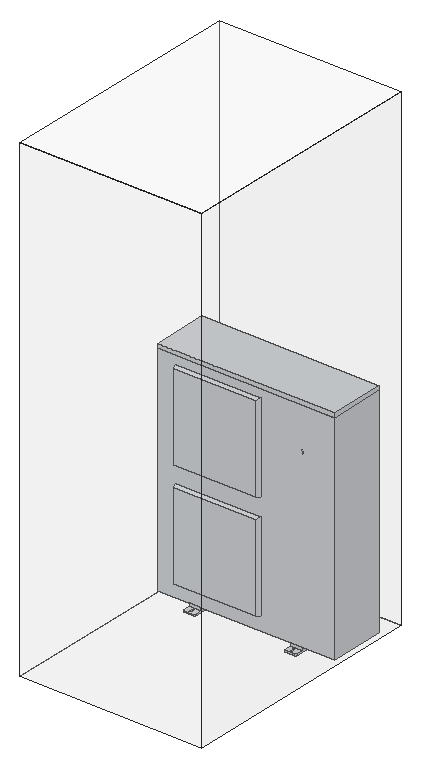
Revit family "pumy-frp80_280hm_50hz", category 機械設備, Revit 2019
Family settings
  丸型コネクタ寸法 = 直径を使用
  パーツ タイプ = 標準
  OmniClass 番号 = 23.75.10.24.21.27.27
  OmniClass タイトル = Split System Air Conditioning Units
  作業面ベース = いいえ
  常に垂直 = はい
  ロード時にボイドで切り取り = いいえ
  共有 = いいえ
  部屋計算ポイント = いいえ
Parameters (values of type "室外機_PUMY-FRP112HM")
  運転音_冷房  db = 70
  音響パワーレベル(dB) = if(運転音_冷房  db > 運転音_暖房  db, 運転音_冷房  db, 運転音_暖房  db)  # 70
  電源種別 = ""
  電源位置Y = 2 mm
  電源位置Z = 1062 mm
  電源位置X = 325 mm
  電圧 = 200 V
  電動機出力_送風機 = 0.12 kW
  電動機出力_圧縮機 = 2.35 kW
  集中コントローラ [instance] = ""
  運転音_暖房  db = 70
  運転質量 = 0.00 kg
  運転方法 = "冷暖切替"
  質量 = if(製品質量 > 運転質量, 製品質量, 運転質量) * 1.2  # 146.40 kg
  負荷分類 = 1_熱源類
  説明 = "空冷H/P PAC インバータ室外機"
  設計暖房能力 [instance] = 0 kW
  設計冷房能力_顕熱 [instance] = 0 kW
  設計冷房能力 [instance] = 0 kW
  設置方法 = "床置形"
  記号 [instance] = ""
  製造元 = "三菱電機株式会社"
  製品質量 = 122.00 kg
  製品出荷対象 = "国内"
  製品リリース年月 = "2022/9/15"
  製品グループ = ""
  系統 [instance] = ""
  符号 = "PAC"
  積算_科目 = "1 空気調和設備"
  積算_拾い区分 [instance] = ""
  相 = 3
  盤記号 [instance] = ""
  発停方法 = "付属スイッチ"
  特殊仕様 [instance] = ""
  消費電力_暖房 = 2.81 kW
  消費電力_冷房 = 2.42 kW
  消費電力 = if(消費電力_冷房 > 消費電力_暖房, 消費電力_冷房, 消費電力_暖房)  # 2.81 kW
  法定耐用年数 = "6"
  構成品番 = "PUMY-FRP112HM"
  極数 = 3
  材質 [instance] = ""
  本体マテリアル = none
  最小電線太さ_mm2 = 3.5
  最大電流値 = 17.5 A
  暖房能力 = 11.2 kW
  推奨ブレーカー容量 = 30 A
  据付ピッチ1 = 0 mm
  形式 = "パッケージ形 室外機"
  形名 = pumy3 : pumy3-1
  幹線記号 [instance] = ""
  呼称 = "パッケージ形空気調和機_室外機"
  周波数 = 50 Hz
  冷媒管（液）位置Z = 485 mm
  冷媒管位置Z_上面 = 565 mm
  冷媒管（ガス）位置Z = 420 mm
  冷媒液管_半径 = (冷媒液管径) / 2  # 4.76 mm
  冷媒ガス管_半径 = (冷媒ガス管径) / 2  # 7.94 mm
  価格 = 0
  ドレン　位置Z = 23 mm
  ドレン　位置Y = 11 mm
  ドレン　位置X = 480 mm
  アンカーボルト位置Y = 370 mm
  アンカーボルト位置X = 600 mm
  参照している仕様書等のバージョン = "公共建築物標準仕様書（機械設備工事編）平成31年度版"
  分類コード = "50053003126100"
  分類グループ = ""
  冷房能力 = 10 kW
  冷媒管（ガス）位置X = 483 mm
  冷媒管（液）位置X = 422 mm
  冷媒管（液）位置Y = 125 mm
  冷媒管（ガス）位置Y = 109 mm
  冷媒管長 [instance] = 0 mm
  冷媒管径符号 = "Bd"
  冷媒管径 = 100.00 mm
  冷媒管位置Z = 420 mm
  冷媒管位置Y = 111 mm
  冷媒管位置X = (冷媒管（液）位置X + 冷媒管（ガス）位置X) / 2  # 452.5 mm
  冷媒液管径 = 9.52 mm
  冷媒ガス管径 = 15.88 mm
  企業コード = "108420"
  付属品 [instance] = ""
  仕様書バージョン = "Version1.0"
  ユニット数 = 1
  ユニット3 = yes
  ユニット2 = yes
  Model = ""
  ドレン管径 = 33.00 mm
  サービススペース = yes
  コメント [instance] = ""
  ケーブル種類1 = ""
  【値が 0 の項目は組合せ形名にてご確認ください】 = ""
  Width = 1050 mm
  Version = ""
  Uniclass2015Version = "Systems v1.9"
  Uniclass2015Title = "Split coil remote air cooled condensing units"
  Uniclass2015Code = "Pr_70_65_03_84"
  URL = "https://www.mitsubishielectric.co.jp/ldg/wink/ssl/top.do"
  SpecificationReference = ""
  SpecificationDescription = ""
  Revision = ""
  ProductInformation = ""
  OmniClassCode = "23-33 17 13 11"
  IfcTypeProduct = ""
  IfcProduct = ""
  IfcExportType = "AIRCONDITIONINGUNIT"
  IfcExportAs = "IfcUnitaryEquipmentType"
  Height = 1338 mm
  Depth = 330 mm
  Clearance Top = 1500 mm
  Clearance Right = 15 mm
  Clearance Left = 15 mm
  Clearance Front = 1000 mm
  Clearance Bottom = 0 mm
  Clearance Back = 150 mm
  COP_暖房 = 3.98
  COP_冷房 = 4.13
  COP = (COP_冷房 + COP_暖房) / 2  # 4.055
  Author = "三菱電機株式会社"
  APF = 0
Reference planes
  plane 1 "中心(正面/背面)": y = 74
  plane 2: z = 0
  plane 3 "中心(左/右)": x = 830
  plane 4 "右": x = 1355
  plane 5 "左": x = 305
  plane 6 "背面": y = 239
  plane 7 "正面": y = -91
  plane 8 "上部": z = 1338
  plane 9 "Clearanse Top": z = 2838
  plane 10 "SS_back": y = 389
  plane 11 "SS_front": y = -1091
  plane 12 "SS_left": x = 290
  plane 13 "SS_right": x = 1370
  plane 14: z = 0
  plane 15: y = -89
  plane 16: x = 1155
  plane 17: z = 1062
  plane 18: x = 1282.5
  plane 19: y = 63
  plane 20: x = 350
  plane 21: z = 25
  plane 22: z = 23
  plane 23: x = 530
  plane 24: x = 1130
  plane 25: y = 259
  plane 26: y = -111
  plane 27: x = 1313
  plane 28: x = 1252
  plane 29 "ガス管": z = 420
  plane 30 "液管": z = 485
  plane 31: y = -51
  plane 32: y = -35
  plane 33 "冷媒管": z = 420
  plane 34: y = -37
  plane 35: z = 565
Forms (mm)
  Extrusion 1, solid, detail levels fine
    sketch origin (0, -91, 0) x (1, 0, 0) y (0, 0, 1)
      loop
        circle (1155, 1062) r 13.5
    from -12 to -2
  Extrusion 2, solid, detail levels fine
    sketch origin (-1437.329, -1524, 54) x (-1, 0, 0) y (0, -1, 0)
      loop
        circle (-1787.329, -1587) r 16.5
    from -31 to -29
  Extrusion 3, solid, detail levels fine
    sketch origin (0, 0, 485) x (-1, 0, 0) y (0, -1, 0)
      loop
        circle (-1252, 51) r 4.76
    from 0 to 80
  Extrusion 4, solid, detail levels fine
    sketch origin (0, 0, 420) x (-1, 0, 0) y (0, -1, 0)
      loop
        circle (-1313, 35) r 7.94
    from 0 to 100
  Extrusion 5, solid, detail levels fine
    sketch origin (0, 0, 420) x (-1, 0, 0) y (0, -1, 0)
      loop
        circle (-1282.5, 37) r 50
    from 0 to 145
Lines and regions (mm)
  model lines, not visible
    curve 1: line (460, 178.667, 1289.179) -> (460, 297.73, 1289.179)
    curve 2: line (460, 178.667, 1056.056) -> (460, 178.667, 1289.179)
    curve 3: line (460, 297.73, 1056.056) -> (460, 178.667, 1056.056)
    curve 4: line (460, 297.73, 1289.179) -> (460, 297.73, 1056.056)
    curve 5: line (460, 47.598, 1289.179) -> (460, 166.661, 1289.179)
    curve 6: line (460, 47.598, 1056.056) -> (460, 47.598, 1289.179)
    curve 7: line (460, 166.661, 1056.056) -> (460, 47.598, 1056.056)
    curve 8: line (460, 166.661, 1289.179) -> (460, 166.661, 1056.056)
    curve 9: line (460, -83.471, 1289.179) -> (460, 35.592, 1289.179)
    curve 10: line (460, -83.471, 1056.056) -> (460, -83.471, 1289.179)
    curve 11: line (460, 35.592, 1056.056) -> (460, -83.471, 1056.056)
    curve 12: line (460, 35.592, 1289.179) -> (460, 35.592, 1056.056)
    curve 13: line (460, -150.779, 1289.179) -> (460, -95.75, 1289.179)
    curve 14: line (460, -150.779, 1056.056) -> (460, -150.779, 1289.179)
    curve 15: line (460, -95.75, 1056.056) -> (460, -150.779, 1056.056)
    curve 16: line (460, -95.75, 1289.179) -> (460, -95.75, 1056.056)
    curve 17: line (460, -150.779, 1283.175) -> (460, -132.596, 1283.175)
    curve 18: line (460, -150.779, 1062.059) -> (460, -150.779, 1283.175)
    curve 19: line (460, -132.596, 1062.059) -> (460, -150.779, 1062.059)
    curve 20: line (460, -132.596, 1283.175) -> (460, -132.596, 1062.059)
    curve 21: line (460, 178.667, 1046.051) -> (460, 297.73, 1046.051)
    curve 22: line (460, 178.667, 812.928) -> (460, 178.667, 1046.051)
    curve 23: line (460, 297.73, 812.928) -> (460, 178.667, 812.928)
    curve 24: line (460, 297.73, 1046.051) -> (460, 297.73, 812.928)
    curve 25: line (460, 47.598, 1046.051) -> (460, 166.661, 1046.051)
    curve 26: line (460, 47.598, 812.928) -> (460, 47.598, 1046.051)
    curve 27: line (460, 166.661, 812.928) -> (460, 47.598, 812.928)
    curve 28: line (460, 166.661, 1046.051) -> (460, 166.661, 812.928)
    curve 29: line (460, -83.471, 1046.051) -> (460, 35.592, 1046.051)
    curve 30: line (460, -83.471, 812.928) -> (460, -83.471, 1046.051)
    curve 31: line (460, 35.592, 812.928) -> (460, -83.471, 812.928)
    curve 32: line (460, 35.592, 1046.051) -> (460, 35.592, 812.928)
    curve 33: line (460, -150.779, 1046.051) -> (460, -95.75, 1046.051)
    curve 34: line (460, -150.779, 812.928) -> (460, -150.779, 1046.051)
    curve 35: line (460, -95.75, 812.928) -> (460, -150.779, 812.928)
    curve 36: line (460, -95.75, 1046.051) -> (460, -95.75, 812.928)
    curve 37: line (460, -150.779, 1040.048) -> (460, -132.596, 1040.048)
    curve 38: line (460, -150.779, 818.931) -> (460, -150.779, 1040.048)
    curve 39: line (460, -132.596, 818.931) -> (460, -150.779, 818.931)
    curve 40: line (460, -132.596, 1040.048) -> (460, -132.596, 818.931)
    curve 41: line (460, 178.667, 802.923) -> (460, 297.73, 802.923)
    curve 42: line (460, 178.667, 569.8) -> (460, 178.667, 802.923)
    curve 43: line (460, 297.73, 569.8) -> (460, 178.667, 569.8)
    curve 44: line (460, 297.73, 802.923) -> (460, 297.73, 569.8)
    curve 45: line (460, 47.598, 802.923) -> (460, 166.661, 802.923)
    curve 46: line (460, 47.598, 569.8) -> (460, 47.598, 802.923)
    curve 47: line (460, 166.661, 569.8) -> (460, 47.598, 569.8)
    curve 48: line (460, 166.661, 802.923) -> (460, 166.661, 569.8)
    curve 49: line (460, -83.471, 802.923) -> (460, 35.592, 802.923)
    curve 50: line (460, -83.471, 569.8) -> (460, -83.471, 802.923)
    curve 51: line (460, 35.592, 569.8) -> (460, -83.471, 569.8)
    curve 52: line (460, 35.592, 802.923) -> (460, 35.592, 569.8)
    curve 53: line (460, -150.779, 802.923) -> (460, -95.75, 802.923)
    curve 54: line (460, -150.779, 569.8) -> (460, -150.779, 802.923)
    curve 55: line (460, -95.75, 569.8) -> (460, -150.779, 569.8)
    curve 56: line (460, -95.75, 802.923) -> (460, -95.75, 569.8)
    curve 57: line (460, -150.779, 796.92) -> (460, -132.596, 796.92)
    curve 58: line (460, -150.779, 575.803) -> (460, -150.779, 796.92)
    curve 59: line (460, -132.596, 575.803) -> (460, -150.779, 575.803)
    curve 60: line (460, -132.596, 796.92) -> (460, -132.596, 575.803)
    curve 61: line (460, 178.667, 559.795) -> (460, 297.73, 559.795)
    curve 62: line (460, 178.667, 326.672) -> (460, 178.667, 559.795)
    curve 63: line (460, 297.73, 326.672) -> (460, 178.667, 326.672)
    curve 64: line (460, 297.73, 559.795) -> (460, 297.73, 326.672)
    curve 65: line (460, 47.598, 559.795) -> (460, 166.661, 559.795)
    curve 66: line (460, 47.598, 326.672) -> (460, 47.598, 559.795)
    curve 67: line (460, 166.661, 326.672) -> (460, 47.598, 326.672)
    curve 68: line (460, 166.661, 559.795) -> (460, 166.661, 326.672)
    curve 69: line (460, -83.471, 559.795) -> (460, 35.592, 559.795)
    curve 70: line (460, -83.471, 326.672) -> (460, -83.471, 559.795)
    curve 71: line (460, 35.592, 326.672) -> (460, -83.471, 326.672)
    curve 72: line (460, 35.592, 559.795) -> (460, 35.592, 326.672)
    curve 73: line (460, -150.779, 559.795) -> (460, -95.75, 559.795)
    curve 74: line (460, -150.779, 326.672) -> (460, -150.779, 559.795)
    curve 75: line (460, -95.75, 326.672) -> (460, -150.779, 326.672)
    curve 76: line (460, -95.75, 559.795) -> (460, -95.75, 326.672)
    curve 77: line (460, -150.779, 553.792) -> (460, -132.596, 553.792)
    curve 78: line (460, -150.779, 332.675) -> (460, -150.779, 553.792)
    curve 79: line (460, -132.596, 332.675) -> (460, -150.779, 332.675)
    curve 80: line (460, -132.596, 553.792) -> (460, -132.596, 332.675)
    curve 81: line (460, 178.667, 316.667) -> (460, 297.73, 316.667)
    curve 82: line (460, 178.667, 83.544) -> (460, 178.667, 316.667)
    curve 83: line (460, 297.73, 83.544) -> (460, 178.667, 83.544)
    curve 84: line (460, 297.73, 316.667) -> (460, 297.73, 83.544)
    curve 85: line (460, 47.598, 316.667) -> (460, 166.661, 316.667)
    curve 86: line (460, 47.598, 83.544) -> (460, 47.598, 316.667)
    curve 87: line (460, 166.661, 83.544) -> (460, 47.598, 83.544)
    curve 88: line (460, 166.661, 316.667) -> (460, 166.661, 83.544)
    curve 89: line (460, -83.471, 316.667) -> (460, 35.592, 316.667)
    curve 90: line (460, -83.471, 83.544) -> (460, -83.471, 316.667)
    curve 91: line (460, 35.592, 83.544) -> (460, -83.471, 83.544)
    curve 92: line (460, 35.592, 316.667) -> (460, 35.592, 83.544)
    curve 93: line (460, -150.779, 316.667) -> (460, -95.75, 316.667)
    curve 94: line (460, -150.779, 83.544) -> (460, -150.779, 316.667)
    curve 95: line (460, -95.75, 83.544) -> (460, -150.779, 83.544)
    curve 96: line (460, -95.75, 316.667) -> (460, -95.75, 83.544)
    curve 97: line (460, -150.779, 310.664) -> (460, -132.596, 310.664)
    curve 98: line (460, -150.779, 89.547) -> (460, -150.779, 310.664)
    curve 99: line (460, -132.596, 89.547) -> (460, -150.779, 89.547)
    curve 100: line (460, -132.596, 310.664) -> (460, -132.596, 89.547)
Dimensions and locks
  equal spacing: plane 7 "正面", plane 1 "中心(正面/背面)", plane 6 "背面"
  "Depth": plane 7 "正面" to plane 6 "背面"
  "Width": plane 5 "左" to plane 4 "右"
  equal spacing: plane 5 "左", plane 3 "中心(左/右)", plane 4 "右"
  "Clearance Left": plane 12 "SS_left" to plane 5 "左"
  "Clearance Right": plane 4 "右" to plane 13 "SS_right"
  "Clearance Back": plane 6 "背面" to plane 10 "SS_back"
  "Clearance Front": plane 11 "SS_front" to plane 7 "正面"
  "Height": plane 8 "上部" to level
  "Clearance Top": plane 9 "Clearanse Top" to plane 8 "上部"
  "Clearance Bottom": level to plane 14
  "電源位置X": plane 3 "中心(左/右)" to plane 16
  "電源位置Y": plane 7 "正面" to plane 15
  "電源位置Z": plane 17 to level
  "冷媒管位置X": plane 3 "中心(左/右)" to plane 18
  locked: plane 21 to plane 22 at 2
  equal spacing: plane 26, plane 1 "中心(正面/背面)", plane 25
  "アンカーボルト位置Y": plane 26 to plane 25
  equal spacing: plane 23, plane 3 "中心(左/右)", plane 24
  "アンカーボルト位置X": plane 23 to plane 24
  plane 28 to plane 27 = 61 mm
  "冷媒管（液）位置X": nested 1 to plane 28
  "冷媒管（ガス）位置X": nested 1 to plane 27
  "ドレン　位置Y": plane 19 to plane 1 "中心(正面/背面)"
  "ドレン　位置X": plane 20 to nested 1
  plane 25 to nested 2 = 19 mm
  nested 2 to plane 7 "正面" = 25 mm
  plane 5 "左" to plane 23 = 225 mm
  nested 2 to plane 26 = 28 mm
  nested 2 to nested 2 = 417 mm
  plane 7 "正面" to plane 19 = 154 mm
  plane 7 "正面" to plane 31 = 40 mm
  plane 7 "正面" to plane 32 = 56 mm
  plane 28 to plane 18 to plane 27 = 30.5 mm, 30.5 mm
  "冷媒管（ガス）位置Y": plane 32 to plane 1 "中心(正面/背面)"
  "冷媒管（液）位置Y": plane 31 to plane 1 "中心(正面/背面)"
  "冷媒管（ガス）位置Z": plane 29 "ガス管" to level
  "冷媒管（液）位置Z": plane 30 "液管" to level
  "冷媒管位置Z": plane 33 "冷媒管" to level
  "冷媒管位置Y": plane 34 to plane 1 "中心(正面/背面)"
  "冷媒管位置Z_上面": plane 35 to level
  radius of Extrusion 1 sketch curve = 13.5 mm
  "ドレン管径": diameter of Extrusion 2 sketch curve
  "冷媒液管_半径": radius of Extrusion 3 sketch curve
  "冷媒ガス管_半径": radius of Extrusion 4 sketch curve
  aligned and locked: level to plane 2
  aligned and locked: plane 10 "SS_back" to nested 1  (x2)
  aligned and locked: plane 13 "SS_right" to nested 1
  aligned and locked: plane 12 "SS_left" to nested 1  (x2)
  aligned and locked: nested 1 to plane 13 "SS_right"
  aligned and locked: plane 11 "SS_front" to nested 1
  aligned and locked: plane 9 "Clearanse Top" to nested 1
  aligned and locked: plane 1 "中心(正面/背面)" to nested 2
  aligned and locked: plane 3 "中心(左/右)" to nested 2
  aligned and locked: plane 14 to nested 1
  aligned and locked: plane 17 to Extrusion 1 sketch curve
  aligned and locked: plane 16 to Extrusion 1 sketch curve
  aligned and locked: plane 15 to Extrusion 1
  aligned and locked: plane 20 to Extrusion 2 sketch curve
  aligned and locked: plane 19 to Extrusion 2 sketch curve
  aligned and locked: plane 21 to Extrusion 2
  aligned and locked: Extrusion 2 to plane 22
  aligned and locked: plane 23 to nested 3
  aligned and locked: plane 25 to nested 3
  aligned and locked: Extrusion 4 to plane 29 "ガス管"
  aligned and locked: Extrusion 3 to plane 30 "液管"
  aligned and locked: Extrusion 5 to plane 33 "冷媒管"
  aligned and locked: plane 35 to Extrusion 5
Automatic sketch dimensions
  Extrusion 5 sketch curve to plane 18 = 0 mm
  plane 34 to Extrusion 5 sketch curve = 0 mm
  Extrusion 3 sketch curve to plane 28 = 0 mm
  plane 31 to Extrusion 3 sketch curve = 0 mm
  Extrusion 4 sketch curve to plane 27 = 0 mm
  plane 32 to Extrusion 4 sketch curve = 0 mm
  radius of Extrusion 5 sketch curve = 50 mm
Nested families
  nested 1: "サービススペース" at (830, -351, 1419), visible <- "サービススペース", type "サービススペース"
    with Width 1080 mm, Height 2838 mm, Depth 1480 mm
  nested 2: "pumy3" at (830, 74, 0), type <- "形名", type "pumy3-1", detail levels fine
  nested 3: "固定点" at (530, -111, 0), type "固定点"
    with W 600 mm, D 370 mm
Connectors
  electrical at (1155, -89, 1062), driven by "極数", driven by "負荷分類", driven by "電圧", driven by "消費電力"
    settings: on Extrusion 1, index 2, voltage 200 V, apparent load 2810 VA, apparent load phase1 0 VA, apparent load phase2 0 VA, apparent load phase3 0 VA, power factor 1, load classification "1_熱源類", number of poles 3, system type 30, power factor state 1, is connector primary yes, connector utility no, sub classification motor no, connector description ""
  piping at (1282.5, -37, 420), diameter 100, driven by "冷媒管径"
    settings: on Extrusion 5, index 3, connector inside diameter 609.60 mm, connector length 0 mm, flow factor 0, pipe flow 0.0 L/s, pressure drop 0.0 Pa, fitting loss kfactor 0, connector angle 0.00°, fixture units 0, engagement length 0 mm, angle of deflection 0.00°, flow configuration 1, flow direction 2, fitting loss method 4, system type 7, joint type 0, gender type 0, connector reference index -1, connector utility 0, adjustable connector no, is connector primary yes, connector description "Bd"
Definition of nested family "サービススペース"
  Parameters (values of type "サービススペース")
    Width [instance] = 500 mm
    Height [instance] = 500 mm
    Depth [instance] = 500 mm
  Reference planes
    plane 1 "中心(正面/背面)": y = 0
    plane 2: z = 0
    plane 3 "中心(左/右)": x = 0
    plane 4: y = -250
    plane 5: x = 250
    plane 6: y = 250
    plane 7: x = -250
    plane 8: z = 250
    plane 9: z = -250
  Forms (mm)
    Extrusion 1, solid
      sketch origin (-638.939, 0, 72.39) x (1, 0, 0) y (0, 1, 0)
        loop
          line (388.939, 250) -> (388.939, -250) -> (888.939, -250) -> (888.939, 250) -> (388.939, 250)
      from -322.39 to 177.61
  Lines and regions (mm)
    symbolic lines
      curve 1: line (-250, 0, 250) -> (250, 0, 250)
      curve 2: line (-250, 0, -250) -> (-250, 0, 250)
      curve 3: line (250, 0, -250) -> (-250, 0, -250)
      curve 4: line (250, 0, 250) -> (250, 0, -250)
      curve 5: line (0, -250, 250) -> (0, 250, 250)
      curve 6: line (0, -250, -250) -> (0, -250, 250)
      curve 7: line (0, 250, -250) -> (0, -250, -250)
      curve 8: line (0, 250, 250) -> (0, 250, -250)
      curve 9: line (-250, 250, 0) -> (250, 250, 0)
      curve 10: line (-250, -250, 0) -> (-250, 250, 0)
      curve 11: line (250, -250, 0) -> (-250, -250, 0)
      curve 12: line (250, 250, 0) -> (250, -250, 0)
  Dimensions and locks
    equal spacing: plane 7, plane 3 "中心(左/右)", plane 5
    equal spacing: plane 4, plane 1 "中心(正面/背面)", plane 6
    "Depth": plane 4 to plane 6
    "Width": plane 7 to plane 5
    equal spacing: plane 8, plane 2, plane 9
    "Height": plane 8 to plane 9
    aligned and locked: plane 9 to curve 3
    aligned and locked: plane 7 to curve 2
    aligned and locked: curve 4 to plane 5
    aligned and locked: plane 5 to Extrusion 1
    aligned and locked: Extrusion 1 to plane 7
    aligned and locked: Extrusion 1 to plane 9
    aligned and locked: plane 8 to Extrusion 1
    aligned and locked: plane 9 to curve 7
  Automatic sketch dimensions
    plane 4 to Extrusion 1 sketch curve = 0 mm
    Extrusion 1 sketch curve to plane 7 = 0 mm
    Extrusion 1 sketch curve to plane 5 = 0 mm
    plane 6 to Extrusion 1 sketch curve = 0 mm
    curve 2 to plane 8 = 0 mm
    plane 4 to curve 11 = 0 mm
    curve 11 to plane 7 = 0 mm
    curve 11 to plane 5 = 0 mm
    plane 6 to curve 10 = 0 mm
    curve 7 to plane 4 = 0 mm
    curve 7 to plane 6 = 0 mm
    curve 6 to plane 8 = 0 mm
Definition of nested family "pumy3"
  Parameters (values of type "PUZ-ZRMP112KA11")
    配線取出口サイズ = 27 mm
    配線取出口-Z = 1063 mm
    配線取出口-Y = 325 mm
    配線取出口-X = 325 mm
    液配管サイズ = 100 mm
    高さ = 1338 mm
    換気-W = 362 mm
    換気-H2 = 632 mm
    換気-H1 = 369 mm
    換気-D = 25 mm
    奥行き = 330 mm
    吊りボルト_H = 0 mm
    吊りボルト-φ = 12 mm
    冷媒配管サイズ = 9.52 mm
    冷媒液管径-Z = 485 mm
    冷媒液管径-Y = 290 mm
    冷媒液管径-X = 422 mm
    冷媒ガス管径-Z = 420 mm
    冷媒ガス管径-Y = 234 mm
    冷媒ガス管径-X = 483 mm
    吊りボルト-W = 600 mm
    マテリアル = none
    ドレン配管サイズ = 33 mm
    ドレン管径-Z = 0 mm
    ドレン管径-Y = 154 mm
    ドレン管径-X = 480 mm
    タイプ3 = yes
    タイプ2 = no
    タイプ1 = no
    ガス配管サイズ = 15.88 mm
    吊りボルト-D = 370 mm
    幅さ = 1050 mm
    a = 幅さ / 2  # 525 mm
  Types (3, lengths in mm): name | 冷媒配管サイズ | 冷媒液管径-Z | 冷媒液管径-X | 冷媒ガス管径-Z | 冷媒ガス管径-Y | 冷媒ガス管径-X | ガス配管サイズ
    PUZ-ZRMP112KA11 | 9.52 | 485 | 422 | 420 | 234 | 483 | 15.88
    PUZ-ZRMP224KA | 19.05 | 450 | 423 | 337 | 236 | 479 | 25.4
    PUZ-ZRMP280KA | 19.05 | 424 | 423 | 337 | 236 | 479 | 25.4
  Reference planes
    plane 1 "中心(正面/背面)": y = 0
    plane 2: z = 0
    plane 3 "中心(左/右)": x = 0
    plane 4: z = 1338
    plane 5: x = -525
    plane 6: x = 525
    plane 7: y = 165
    plane 8: y = -165
    plane 9: x = 587
    plane 10: y = -105
    plane 11: y = 5
    plane 12: z = 1313
    plane 13: x = -545
    plane 14: x = -300
    plane 15: x = 300
    plane 16: y = 185
    plane 17: y = -185
    plane 18: x = 335
    plane 19: x = 265
    plane 20: x = -265
    plane 21: x = -335
    plane 22: y = 204
    plane 23: z = 8.5
    plane 24: z = 25
    plane 25: z = 23
    plane 26: z = 1333
    plane 27: y = -40
    plane 28: y = 40
    plane 29: y = -30
    plane 30: y = 30
    plane 31: z = 1318
    plane 32: z = 55
    plane 33: z = 225
    plane 34: z = 570
    plane 35: x = 535
    plane 36: x = 556
    plane 37: y = -190
    plane 38: x = -163
    plane 39: z = 369
    plane 40: x = 91
    plane 41: x = -417
    plane 42: z = 633
    plane 43: z = 105
    plane 44: x = -407
    plane 45: x = 81
    plane 46: z = 623
    plane 47: z = 115
    plane 48: y = 115
    plane 49: y = -115
    plane 50: x = -480
    plane 51: y = -11
    plane 52: x = 325
    plane 53: y = -160
    plane 54: y = -125
    plane 55: y = -69
    plane 56: z = 1063
    plane 57: y = -110
    plane 58: y = -97
    plane 59 "グループ": x = -525
    plane 60: z = 1338
    plane 61: z = 943
    plane 62: z = 1001
    plane 63: z = 1265
    plane 64: z = 737
    plane 65: z = 1255
    plane 66: z = 747
    plane 67: y = 125
    plane 68: x = -370
    plane 69: x = -210
    plane 70: x = -50
    plane 71: x = 110
    plane 72: y = -213
  Forms (mm)
    Extrusion 1, solid, visible <- "タイプ3", detail levels fine
      sketch origin (-1437.329, -1524, 1338) x (-1, 0, 0) y (0, -1, 0)
        loop
          line (-1102.329, -1689) -> (-1102.329, -1359) -> (-1172.329, -1359) -> (-1172.329, -1689) -> (-1102.329, -1689)
        loop
          line (-1702.329, -1689) -> (-1702.329, -1359) -> (-1772.329, -1359) -> (-1772.329, -1689) -> (-1702.329, -1689)
      from -1338 to -1313
    Extrusion 2, solid, material <- "マテリアル", visible <- "タイプ3", detail levels fine
      sketch origin (-1437.329, -1524, 1338) x (-1, 0, 0) y (0, -1, 0)
        loop
          line (-1962.329, -1689) -> (-912.329, -1689) -> (-912.329, -1359) -> (-1962.329, -1359) -> (-1962.329, -1689)
      from -1313 to -25
    Extrusion 3, solid, material <- "マテリアル", visible <- "タイプ3", detail levels fine
      sketch origin (-1437.329, -1524, 1338) x (-1, 0, 0) y (0, -1, 0)
        loop
          line (-912.329, -1689) -> (-912.329, -1359) -> (-1962.329, -1359) -> (-1962.329, -1689) -> (-912.329, -1689)
      from -25 to 0
    Blend 4, solid, material <- "マテリアル", visible <- "タイプ3", detail levels fine
      base sketch origin (0, 0, 0) x (1, 0, 0) y (0, 0, 1)
        loop
          line (-417, 633) -> (-417, 105) -> (91, 105) -> (91, 633) -> (-417, 633)
      top sketch origin (0, 0, 0) x (1, 0, 0) y (0, 0, 1)
        loop
          line (-407, 623) -> (-407, 115) -> (81, 115) -> (81, 623) -> (-407, 623)
      from 165 to 190
    Blend 5, solid, material <- "マテリアル", visible <- "タイプ3", detail levels fine
      base sketch origin (1480.036, -190, 1200) x (1, 0, 0) y (0, 0, 1)
        loop
          line (-1897.036, 65) -> (-1897.036, -463) -> (-1389.036, -463) -> (-1389.036, 65) -> (-1897.036, 65)
      top sketch origin (1480.036, -190, 1200) x (1, 0, 0) y (0, 0, 1)
        loop
          line (-1887.036, 55) -> (-1887.036, -453) -> (-1399.036, -453) -> (-1399.036, 55) -> (-1887.036, 55)
      from -25 to 0
    Extrusion 6, solid, visible <- "タイプ3", detail levels fine
      sketch origin (-1437.329, -1524, 1338) x (-1, 0, 0) y (0, -1, 0)
        loop
          line (-1102.329, -1728) -> (-1102.329, -1689) -> (-1172.329, -1689) -> (-1172.329, -1728) -> (-1143.329, -1728) -> (-1143.329, -1709)
          arc (-1143.329, -1709) -> (-1137.329, -1703) -> (-1131.329, -1709) r 6
          line (-1131.329, -1709) -> (-1131.329, -1728) -> (-1102.329, -1728)
        loop
          line (-1102.329, -1359) -> (-1102.329, -1316)
          arc (-1102.329, -1316) -> (-1103.794, -1312.464) -> (-1107.329, -1311) r 5
          line (-1107.329, -1311) -> (-1167.329, -1311)
          arc (-1167.329, -1311) -> (-1170.865, -1312.464) -> (-1172.329, -1316) r 5
          line (-1172.329, -1316) -> (-1172.329, -1359) -> (-1102.329, -1359)
        loop
          arc (-1143.329, -1339) -> (-1137.329, -1345) -> (-1131.329, -1339) r 6
          line (-1131.329, -1339) -> (-1131.329, -1324)
          arc (-1131.329, -1324) -> (-1137.329, -1318) -> (-1143.329, -1324) r 6
          line (-1143.329, -1324) -> (-1143.329, -1339)
        loop
          line (-1772.329, -1728) -> (-1743.329, -1728) -> (-1743.329, -1709)
          arc (-1743.329, -1709) -> (-1737.329, -1703) -> (-1731.329, -1709) r 6
          line (-1731.329, -1709) -> (-1731.329, -1728) -> (-1702.329, -1728) -> (-1702.329, -1689) -> (-1772.329, -1689) -> (-1772.329, -1728)
        loop
          line (-1772.329, -1359) -> (-1702.329, -1359) -> (-1702.329, -1316)
          arc (-1702.329, -1316) -> (-1703.794, -1312.464) -> (-1707.329, -1311) r 5
          line (-1707.329, -1311) -> (-1767.329, -1311)
          arc (-1767.329, -1311) -> (-1770.865, -1312.464) -> (-1772.329, -1316) r 5
          line (-1772.329, -1316) -> (-1772.329, -1359)
        loop
          line (-1731.329, -1339) -> (-1731.329, -1324)
          arc (-1731.329, -1324) -> (-1737.329, -1318) -> (-1743.329, -1324) r 6
          line (-1743.329, -1324) -> (-1743.329, -1339)
          arc (-1743.329, -1339) -> (-1737.329, -1345) -> (-1731.329, -1339) r 6
      from -1338 to -1329.5
    Extrusion 7, solid, material <- "マテリアル", visible <- "タイプ3", detail levels fine
      sketch origin (-1437.329, -1524, 1338) x (-1, 0, 0) y (0, -1, 0)
        loop
          circle (-957.329, -1513) r 16.5
        loop
          circle (-1067.329, -1649) r 16.5
        loop
          circle (-1227.329, -1649) r 16.5
        loop
          circle (-1387.329, -1649) r 16.5
        loop
          circle (-1547.329, -1649) r 16.5
      from -1315 to -1313
  Cuts and joins
    joined: Extrusion 1, Extrusion 6
  Lines and regions (mm)
    Masking region 1, visible <- "タイプ3", detail levels coarse+medium
      outline origin (-1437.329, -1524, 1338) x (-1, 0, 0) y (0, -1, 0)
        loop
          line (-1962.329, -1689) -> (-1772.329, -1689) -> (-1772.329, -1728) -> (-1702.329, -1728) -> (-1702.329, -1689) -> (-1172.329, -1689) -> (-1172.329, -1728) -> (-1102.329, -1728) -> (-1102.329, -1689) -> (-912.329, -1689) -> (-912.329, -1359) -> (-1020.329, -1359) -> (-1030.329, -1334) -> (-1102.329, -1334) -> (-1102.329, -1311) -> (-1172.329, -1311) -> (-1172.329, -1334) -> (-1518.329, -1334) -> (-1528.329, -1359) -> (-1702.329, -1359) -> (-1702.329, -1311) -> (-1772.329, -1311) -> (-1772.329, -1359) -> (-1962.329, -1359) -> (-1962.329, -1689)
    model lines, visible <- "タイプ3", detail levels fine
      curve 1: line (446.5, 115, 1338) -> (-445, 115, 1338)
      curve 2: line (-445, -115, 1338) -> (446.5, -115, 1338)
      curve 3: line (-445, -45, 1338) -> (446.5, -45, 1338)
      curve 4: line (446.5, 45, 1338) -> (-445, 45, 1338)
      curve 5: line (-445, -35, 1338) -> (446.5, -35, 1338)
      curve 6: line (446.5, 35, 1338) -> (-445, 35, 1338)
      curve 7: line (-445, 115, 1338) -> (-445, 45, 1338)
      curve 8: line (446.5, -115, 1338) -> (446.5, -45, 1338)
      curve 9: line (-445, 35, 1338) -> (-445, -35, 1338)
      curve 10: line (-445, -45, 1338) -> (-445, -115, 1338)
      curve 11: line (446.5, -35, 1338) -> (446.5, 35, 1338)
      curve 12: line (446.5, 45, 1338) -> (446.5, 115, 1338)
      curve 13: line (479, -115, 1338) -> (479, 115, 1338)
      curve 14: line (461.5, -115, 1338) -> (461.5, 115, 1338)
      curve 15: line (-475, 115, 1338) -> (-475, -115, 1338)
      curve 16: line (-460, 115, 1338) -> (-460, -115, 1338)
      curve 17: line (-460, 115, 1338) -> (-475, 115, 1338)
      curve 18: line (-460, -115, 1338) -> (-475, -115, 1338)
      curve 19: line (461.5, 115, 1338) -> (479, 115, 1338)
      curve 20: line (461.5, -115, 1338) -> (479, -115, 1338)
      curve 21: line (-407, -190, 416.5) -> (81, -190, 416.5)
      curve 22: line (81, -190, 321.5) -> (-407, -190, 321.5)
      curve 23: line (-407, -190, 511.5) -> (81, -190, 511.5)
      curve 24: line (-407, -190, 606.5) -> (81, -190, 606.5)
      curve 25: line (81, -190, 226.5) -> (-407, -190, 226.5)
      curve 26: line (81, -190, 131.5) -> (-407, -190, 131.5)
      curve 27: line (-389.571, -190, 623) -> (-389.571, -190, 115)
      curve 28: line (63.571, -190, 115) -> (63.571, -190, 623)
      curve 29: line (-372.143, -190, 623) -> (-372.143, -190, 115)
      curve 30: line (-354.714, -190, 623) -> (-354.714, -190, 115)
      curve 31: line (-337.286, -190, 623) -> (-337.286, -190, 115)
      curve 32: line (-319.857, -190, 623) -> (-319.857, -190, 115)
      curve 33: line (-302.429, -190, 623) -> (-302.429, -190, 115)
      curve 34: line (-285, -190, 623) -> (-285, -190, 115)
      curve 35: line (-267.571, -190, 623) -> (-267.571, -190, 115)
      curve 36: line (-250.143, -190, 623) -> (-250.143, -190, 115)
      curve 37: line (-232.714, -190, 623) -> (-232.714, -190, 115)
      curve 38: line (-215.286, -190, 623) -> (-215.286, -190, 115)
      curve 39: line (-197.857, -190, 623) -> (-197.857, -190, 115)
      curve 40: line (-180.429, -190, 623) -> (-180.429, -190, 115)
      curve 41: line (-163, -190, 623) -> (-163, -190, 115)
      curve 42: line (-145.571, -190, 623) -> (-145.571, -190, 115)
      curve 43: line (-128.143, -190, 623) -> (-128.143, -190, 115)
      curve 44: line (-110.714, -190, 623) -> (-110.714, -190, 115)
      curve 45: line (-93.286, -190, 623) -> (-93.286, -190, 115)
      curve 46: line (-75.857, -190, 623) -> (-75.857, -190, 115)
      curve 47: line (-58.429, -190, 623) -> (-58.429, -190, 115)
      curve 48: line (-41, -190, 623) -> (-41, -190, 115)
      curve 49: line (-23.571, -190, 623) -> (-23.571, -190, 115)
      curve 50: line (-6.143, -190, 623) -> (-6.143, -190, 115)
      curve 51: line (11.286, -190, 623) -> (11.286, -190, 115)
      curve 52: line (28.714, -190, 623) -> (28.714, -190, 115)
      curve 53: line (46.143, -190, 623) -> (46.143, -190, 115)
      curve 54: line (-525, -100, 87) -> (-525, -60, 87)
      curve 55: line (-525, -100, 277) -> (-525, -100, 87)
      curve 56: line (-525, -60, 277) -> (-525, -100, 277)
      curve 57: line (-525, -60, 87) -> (-525, -60, 277)
      curve 58: line (-525, -100, 292) -> (-525, -60, 292)
      curve 59: line (-525, -100, 482) -> (-525, -100, 292)
      curve 60: line (-525, -60, 482) -> (-525, -100, 482)
      curve 61: line (-525, -60, 292) -> (-525, -60, 482)
      curve 62: line (-525, -100, 497) -> (-525, -60, 497)
      curve 63: line (-525, -100, 687) -> (-525, -100, 497)
      curve 64: line (-525, -60, 687) -> (-525, -100, 687)
      curve 65: line (-525, -60, 497) -> (-525, -60, 687)
      curve 66: line (-525, -100, 702) -> (-525, -60, 702)
      curve 67: line (-525, -100, 892) -> (-525, -100, 702)
      curve 68: line (-525, -60, 892) -> (-525, -100, 892)
      curve 69: line (-525, -60, 702) -> (-525, -60, 892)
      curve 70: line (-525, 60, 87) -> (-525, 100, 87)
      curve 71: line (-525, 60, 277) -> (-525, 60, 87)
      curve 72: line (-525, 100, 277) -> (-525, 60, 277)
      curve 73: line (-525, 100, 87) -> (-525, 100, 277)
      curve 74: line (-525, -46.667, 87) -> (-525, -6.667, 87)
      curve 75: line (-525, -46.667, 277) -> (-525, -46.667, 87)
      curve 76: line (-525, -6.667, 277) -> (-525, -46.667, 277)
      curve 77: line (-525, -6.667, 87) -> (-525, -6.667, 277)
      curve 78: line (-525, 6.667, 87) -> (-525, 46.667, 87)
      curve 79: line (-525, 6.667, 277) -> (-525, 6.667, 87)
      curve 80: line (-525, 46.667, 277) -> (-525, 6.667, 277)
      curve 81: line (-525, 46.667, 87) -> (-525, 46.667, 277)
      curve 82: line (-525, 60, 292) -> (-525, 100, 292)
      curve 83: line (-525, 60, 482) -> (-525, 60, 292)
      curve 84: line (-525, 100, 482) -> (-525, 60, 482)
      curve 85: line (-525, 100, 292) -> (-525, 100, 482)
      curve 86: line (-525, 60, 702) -> (-525, 100, 702)
      curve 87: line (-525, 60, 892) -> (-525, 60, 702)
      curve 88: line (-525, 100, 892) -> (-525, 60, 892)
      curve 89: line (-525, 100, 702) -> (-525, 100, 892)
      curve 90: line (-525, -46.667, 292) -> (-525, -6.667, 292)
      curve 91: line (-525, -46.667, 482) -> (-525, -46.667, 292)
      curve 92: line (-525, -6.667, 482) -> (-525, -46.667, 482)
      curve 93: line (-525, -6.667, 292) -> (-525, -6.667, 482)
      curve 94: line (-525, -46.667, 497) -> (-525, -6.667, 497)
      curve 95: line (-525, -46.667, 687) -> (-525, -46.667, 497)
      curve 96: line (-525, -6.667, 687) -> (-525, -46.667, 687)
      curve 97: line (-525, -6.667, 497) -> (-525, -6.667, 687)
      curve 98: line (-525, -46.667, 702) -> (-525, -6.667, 702)
      curve 99: line (-525, -46.667, 892) -> (-525, -46.667, 702)
      curve 100: line (-525, -6.667, 892) -> (-525, -46.667, 892)
      curve 101: line (-525, -6.667, 702) -> (-525, -6.667, 892)
      curve 102: line (-525, 6.667, 292) -> (-525, 46.667, 292)
      curve 103: line (-525, 6.667, 482) -> (-525, 6.667, 292)
      curve 104: line (-525, 46.667, 482) -> (-525, 6.667, 482)
      curve 105: line (-525, 46.667, 292) -> (-525, 46.667, 482)
      curve 106: line (-525, 6.667, 497) -> (-525, 46.667, 497)
      curve 107: line (-525, 6.667, 687) -> (-525, 6.667, 497)
      curve 108: line (-525, 46.667, 687) -> (-525, 6.667, 687)
      curve 109: line (-525, 46.667, 497) -> (-525, 46.667, 687)
      curve 110: line (-525, 6.667, 702) -> (-525, 46.667, 702)
      curve 111: line (-525, 6.667, 892) -> (-525, 6.667, 702)
      curve 112: line (-525, 46.667, 892) -> (-525, 6.667, 892)
      curve 113: line (-525, 46.667, 702) -> (-525, 46.667, 892)
      curve 114: line (-525, -100, 907) -> (-525, -60, 907)
      curve 115: line (-525, -100, 1097) -> (-525, -100, 907)
      curve 116: line (-525, -60, 1097) -> (-525, -100, 1097)
      curve 117: line (-525, -60, 907) -> (-525, -60, 1097)
      curve 118: line (-525, 60, 907) -> (-525, 100, 907)
      curve 119: line (-525, 60, 1097) -> (-525, 60, 907)
      curve 120: line (-525, 100, 1097) -> (-525, 60, 1097)
      curve 121: line (-525, 100, 907) -> (-525, 100, 1097)
      curve 122: line (-525, -46.667, 907) -> (-525, -6.667, 907)
      curve 123: line (-525, -46.667, 1097) -> (-525, -46.667, 907)
      curve 124: line (-525, -6.667, 1097) -> (-525, -46.667, 1097)
      curve 125: line (-525, -6.667, 907) -> (-525, -6.667, 1097)
      curve 126: line (-525, 6.667, 907) -> (-525, 46.667, 907)
      curve 127: line (-525, 6.667, 1097) -> (-525, 6.667, 907)
      curve 128: line (-525, 46.667, 1097) -> (-525, 6.667, 1097)
      curve 129: line (-525, 46.667, 907) -> (-525, 46.667, 1097)
      curve 130: line (-525, -100, 1112) -> (-525, -60, 1112)
      curve 131: line (-525, -100, 1302) -> (-525, -100, 1112)
      curve 132: line (-525, -60, 1302) -> (-525, -100, 1302)
      curve 133: line (-525, -60, 1112) -> (-525, -60, 1302)
      curve 134: line (-525, 60, 1112) -> (-525, 100, 1112)
      curve 135: line (-525, 60, 1302) -> (-525, 60, 1112)
      curve 136: line (-525, 100, 1302) -> (-525, 60, 1302)
      curve 137: line (-525, 100, 1112) -> (-525, 100, 1302)
      curve 138: line (-525, -46.667, 1112) -> (-525, -6.667, 1112)
      curve 139: line (-525, -46.667, 1302) -> (-525, -46.667, 1112)
      curve 140: line (-525, -6.667, 1302) -> (-525, -46.667, 1302)
      curve 141: line (-525, -6.667, 1112) -> (-525, -6.667, 1302)
      curve 142: line (-525, 6.667, 1112) -> (-525, 46.667, 1112)
      curve 143: line (-525, 6.667, 1302) -> (-525, 6.667, 1112)
      curve 144: line (-525, 46.667, 1302) -> (-525, 6.667, 1302)
      curve 145: line (-525, 46.667, 1112) -> (-525, 46.667, 1302)
      curve 303: line (81, -190, 1238.5) -> (-407, -190, 1238.5)
      curve 304: line (-407, -190, 763.5) -> (81, -190, 763.5)
      curve 305: line (-389.571, -190, 1255) -> (-389.571, -190, 747)
      curve 306: line (81, -190, 858.5) -> (-407, -190, 858.5)
      curve 307: line (81, -190, 1143.5) -> (-407, -190, 1143.5)
      curve 308: line (81, -190, 1048.5) -> (-407, -190, 1048.5)
      curve 309: line (-407, -190, 953.5) -> (81, -190, 953.5)
      curve 310: line (-372.143, -190, 1255) -> (-372.143, -190, 747)
      curve 311: line (-354.714, -190, 1255) -> (-354.714, -190, 747)
      curve 312: line (-337.286, -190, 1255) -> (-337.286, -190, 747)
      curve 313: line (-319.857, -190, 1255) -> (-319.857, -190, 747)
      curve 314: line (-302.429, -190, 1255) -> (-302.429, -190, 747)
      curve 315: line (-285, -190, 1255) -> (-285, -190, 747)
      curve 316: line (-267.571, -190, 1255) -> (-267.571, -190, 747)
      curve 317: line (-250.143, -190, 1255) -> (-250.143, -190, 747)
      curve 318: line (-232.714, -190, 1255) -> (-232.714, -190, 747)
      curve 319: line (-215.286, -190, 1255) -> (-215.286, -190, 747)
      curve 320: line (-197.857, -190, 1255) -> (-197.857, -190, 747)
      curve 321: line (-180.429, -190, 1255) -> (-180.429, -190, 747)
      curve 322: line (-163, -190, 1255) -> (-163, -190, 747)
      curve 323: line (-145.571, -190, 1255) -> (-145.571, -190, 747)
      curve 324: line (-128.143, -190, 1255) -> (-128.143, -190, 747)
      curve 325: line (-110.714, -190, 1255) -> (-110.714, -190, 747)
      curve 326: line (-93.286, -190, 1255) -> (-93.286, -190, 747)
      curve 327: line (-75.857, -190, 1255) -> (-75.857, -190, 747)
      curve 328: line (-58.429, -190, 1255) -> (-58.429, -190, 747)
      curve 329: line (-41, -190, 1255) -> (-41, -190, 747)
      curve 330: line (-23.571, -190, 1255) -> (-23.571, -190, 747)
      curve 331: line (-6.143, -190, 1255) -> (-6.143, -190, 747)
      curve 332: line (11.286, -190, 1255) -> (11.286, -190, 747)
      curve 333: line (28.714, -190, 1255) -> (28.714, -190, 747)
      curve 334: line (46.143, -190, 1255) -> (46.143, -190, 747)
      curve 335: line (63.571, -190, 1255) -> (63.571, -190, 747)
    model lines, visible <- "タイプ3", not visible, detail levels fine
      curve 146: line (-525, -100, 907) -> (-525, -60, 907)
      curve 147: line (-525, -100, 1097) -> (-525, -100, 907)
      curve 148: line (-525, -60, 1097) -> (-525, -100, 1097)
      curve 149: line (-525, -60, 907) -> (-525, -60, 1097)
      curve 150: line (-525, 60, 907) -> (-525, 100, 907)
      curve 151: line (-525, 60, 1097) -> (-525, 60, 907)
      curve 152: line (-525, 100, 1097) -> (-525, 60, 1097)
      curve 153: line (-525, 100, 907) -> (-525, 100, 1097)
      curve 154: line (-525, -46.667, 907) -> (-525, -6.667, 907)
      curve 155: line (-525, -46.667, 1097) -> (-525, -46.667, 907)
      curve 156: line (-525, -6.667, 1097) -> (-525, -46.667, 1097)
      curve 157: line (-525, -6.667, 907) -> (-525, -6.667, 1097)
      curve 158: line (-525, 6.667, 907) -> (-525, 46.667, 907)
      curve 159: line (-525, 6.667, 1097) -> (-525, 6.667, 907)
      curve 160: line (-525, 46.667, 1097) -> (-525, 6.667, 1097)
      curve 161: line (-525, 46.667, 907) -> (-525, 46.667, 1097)
      curve 162: line (-525, -100, 1112) -> (-525, -60, 1112)
      curve 163: line (-525, -100, 1302) -> (-525, -100, 1112)
      curve 164: line (-525, -60, 1302) -> (-525, -100, 1302)
      curve 165: line (-525, -60, 1112) -> (-525, -60, 1302)
      curve 166: line (-525, 60, 1112) -> (-525, 100, 1112)
      curve 167: line (-525, 60, 1302) -> (-525, 60, 1112)
      curve 168: line (-525, 100, 1302) -> (-525, 60, 1302)
      curve 169: line (-525, 100, 1112) -> (-525, 100, 1302)
      curve 170: line (-525, -46.667, 1112) -> (-525, -6.667, 1112)
      curve 171: line (-525, -46.667, 1302) -> (-525, -46.667, 1112)
      curve 172: line (-525, -6.667, 1302) -> (-525, -46.667, 1302)
      curve 173: line (-525, -6.667, 1112) -> (-525, -6.667, 1302)
      curve 174: line (-525, 6.667, 1112) -> (-525, 46.667, 1112)
      curve 175: line (-525, 6.667, 1302) -> (-525, 6.667, 1112)
      curve 176: line (-525, 46.667, 1302) -> (-525, 6.667, 1302)
      curve 177: line (-525, 46.667, 1112) -> (-525, 46.667, 1302)
      curve 194: line (-525, -100, 87) -> (-525, -60, 87)
      curve 195: line (-525, -100, 277) -> (-525, -100, 87)
      curve 196: line (-525, -60, 277) -> (-525, -100, 277)
      curve 197: line (-525, -60, 87) -> (-525, -60, 277)
      curve 198: line (-525, -100, 292) -> (-525, -60, 292)
      curve 199: line (-525, -100, 482) -> (-525, -100, 292)
      curve 200: line (-525, -60, 482) -> (-525, -100, 482)
      curve 201: line (-525, -60, 292) -> (-525, -60, 482)
      curve 202: line (-525, -100, 497) -> (-525, -60, 497)
      curve 203: line (-525, -100, 687) -> (-525, -100, 497)
      curve 204: line (-525, -60, 687) -> (-525, -100, 687)
      curve 205: line (-525, -60, 497) -> (-525, -60, 687)
      curve 206: line (-525, -100, 702) -> (-525, -60, 702)
      curve 207: line (-525, -100, 892) -> (-525, -100, 702)
      curve 208: line (-525, -60, 892) -> (-525, -100, 892)
      curve 209: line (-525, -60, 702) -> (-525, -60, 892)
      curve 210: line (-525, 60, 87) -> (-525, 100, 87)
      curve 211: line (-525, 60, 277) -> (-525, 60, 87)
      curve 212: line (-525, 100, 277) -> (-525, 60, 277)
      curve 213: line (-525, 100, 87) -> (-525, 100, 277)
      curve 214: line (-525, -46.667, 87) -> (-525, -6.667, 87)
      curve 215: line (-525, -46.667, 277) -> (-525, -46.667, 87)
      curve 216: line (-525, -6.667, 277) -> (-525, -46.667, 277)
      curve 217: line (-525, -6.667, 87) -> (-525, -6.667, 277)
      curve 218: line (-525, 6.667, 87) -> (-525, 46.667, 87)
      curve 219: line (-525, 6.667, 277) -> (-525, 6.667, 87)
      curve 220: line (-525, 46.667, 277) -> (-525, 6.667, 277)
      curve 221: line (-525, 46.667, 87) -> (-525, 46.667, 277)
      curve 222: line (-525, 60, 292) -> (-525, 100, 292)
      curve 223: line (-525, 60, 482) -> (-525, 60, 292)
      curve 224: line (-525, 100, 482) -> (-525, 60, 482)
      curve 225: line (-525, 100, 292) -> (-525, 100, 482)
      curve 226: line (-525, 60, 702) -> (-525, 100, 702)
      curve 227: line (-525, 60, 892) -> (-525, 60, 702)
      curve 228: line (-525, 100, 892) -> (-525, 60, 892)
      curve 229: line (-525, 100, 702) -> (-525, 100, 892)
      curve 230: line (-525, -46.667, 292) -> (-525, -6.667, 292)
      curve 231: line (-525, -46.667, 482) -> (-525, -46.667, 292)
      curve 232: line (-525, -6.667, 482) -> (-525, -46.667, 482)
      curve 233: line (-525, -6.667, 292) -> (-525, -6.667, 482)
      curve 234: line (-525, -46.667, 497) -> (-525, -6.667, 497)
      curve 235: line (-525, -46.667, 687) -> (-525, -46.667, 497)
      curve 236: line (-525, -6.667, 687) -> (-525, -46.667, 687)
      curve 237: line (-525, -6.667, 497) -> (-525, -6.667, 687)
      curve 238: line (-525, -46.667, 702) -> (-525, -6.667, 702)
      curve 239: line (-525, -46.667, 892) -> (-525, -46.667, 702)
      curve 240: line (-525, -6.667, 892) -> (-525, -46.667, 892)
      curve 241: line (-525, -6.667, 702) -> (-525, -6.667, 892)
      curve 242: line (-525, 6.667, 292) -> (-525, 46.667, 292)
      curve 243: line (-525, 6.667, 482) -> (-525, 6.667, 292)
      curve 244: line (-525, 46.667, 482) -> (-525, 6.667, 482)
      curve 245: line (-525, 46.667, 292) -> (-525, 46.667, 482)
      curve 246: line (-525, 6.667, 497) -> (-525, 46.667, 497)
      curve 247: line (-525, 6.667, 687) -> (-525, 6.667, 497)
      curve 248: line (-525, 46.667, 687) -> (-525, 6.667, 687)
      curve 249: line (-525, 46.667, 497) -> (-525, 46.667, 687)
      curve 250: line (-525, 6.667, 702) -> (-525, 46.667, 702)
      curve 251: line (-525, 6.667, 892) -> (-525, 6.667, 702)
      curve 252: line (-525, 46.667, 892) -> (-525, 6.667, 892)
      curve 253: line (-525, 46.667, 702) -> (-525, 46.667, 892)
    model lines, visible <- "タイプ2", not visible
      curve 178: line (-600, -100, 33.5) -> (-600, -60, 33.5)
      curve 179: line (-600, -100, 73.5) -> (-600, -100, 33.5)
      curve 180: line (-600, -60, 73.5) -> (-600, -100, 73.5)
      curve 181: line (-600, -60, 33.5) -> (-600, -60, 73.5)
      curve 182: line (-600, 60, 33.5) -> (-600, 100, 33.5)
      curve 183: line (-600, 60, 73.5) -> (-600, 60, 33.5)
      curve 184: line (-600, 100, 73.5) -> (-600, 60, 73.5)
      curve 185: line (-600, 100, 33.5) -> (-600, 100, 73.5)
      curve 186: line (-509, -46.667, 33.5) -> (-509, -6.667, 33.5)
      curve 187: line (-509, -46.667, 73.5) -> (-509, -46.667, 33.5)
      curve 188: line (-509, -6.667, 73.5) -> (-509, -46.667, 73.5)
      curve 189: line (-509, -6.667, 33.5) -> (-509, -6.667, 73.5)
      curve 190: line (-509, 6.667, 33.5) -> (-509, 46.667, 33.5)
      curve 191: line (-509, 6.667, 73.5) -> (-509, 6.667, 33.5)
      curve 192: line (-509, 46.667, 73.5) -> (-509, 6.667, 73.5)
      curve 193: line (-509, 46.667, 33.5) -> (-509, 46.667, 73.5)
      curve 287: line (-404.5, -100, 33.5) -> (-404.5, -60, 33.5)
      curve 288: line (-404.5, -100, 73.5) -> (-404.5, -100, 33.5)
      curve 289: line (-404.5, -60, 73.5) -> (-404.5, -100, 73.5)
      curve 290: line (-404.5, -60, 33.5) -> (-404.5, -60, 73.5)
      curve 291: line (-404.5, 60, 33.5) -> (-404.5, 100, 33.5)
      curve 292: line (-404.5, 60, 73.5) -> (-404.5, 60, 33.5)
      curve 293: line (-404.5, 100, 73.5) -> (-404.5, 60, 73.5)
      curve 294: line (-404.5, 100, 33.5) -> (-404.5, 100, 73.5)
      curve 295: line (-404.5, -46.667, 33.5) -> (-404.5, -6.667, 33.5)
      curve 296: line (-404.5, -46.667, 73.5) -> (-404.5, -46.667, 33.5)
      curve 297: line (-404.5, -6.667, 73.5) -> (-404.5, -46.667, 73.5)
      curve 298: line (-404.5, -6.667, 33.5) -> (-404.5, -6.667, 73.5)
      curve 299: line (-404.5, 6.667, 33.5) -> (-404.5, 46.667, 33.5)
      curve 300: line (-404.5, 6.667, 73.5) -> (-404.5, 6.667, 33.5)
      curve 301: line (-404.5, 46.667, 73.5) -> (-404.5, 6.667, 73.5)
      curve 302: line (-404.5, 46.667, 33.5) -> (-404.5, 46.667, 73.5)
    model lines, not visible
      curve 254: line (-338.5, -173.2, 372.5) -> (149.5, -173.2, 372.5)
      curve 255: line (149.5, -173.2, 277.5) -> (-338.5, -173.2, 277.5)
      curve 256: line (-338.5, -173.2, 467.5) -> (149.5, -173.2, 467.5)
      curve 257: line (-338.5, -173.2, 562.5) -> (149.5, -173.2, 562.5)
      curve 258: line (149.5, -173.2, 182.5) -> (-338.5, -173.2, 182.5)
      curve 259: line (149.5, -173.2, 87.5) -> (-338.5, -173.2, 87.5)
      curve 260: line (-321.071, -173.2, 579) -> (-321.071, -173.2, 71)
      curve 261: line (132.071, -173.2, 71) -> (132.071, -173.2, 579)
      curve 262: line (-303.643, -173.2, 579) -> (-303.643, -173.2, 71)
      curve 263: line (-286.214, -173.2, 579) -> (-286.214, -173.2, 71)
      curve 264: line (-268.786, -173.2, 579) -> (-268.786, -173.2, 71)
      curve 265: line (-251.357, -173.2, 579) -> (-251.357, -173.2, 71)
      curve 266: line (-233.929, -173.2, 579) -> (-233.929, -173.2, 71)
      curve 267: line (-216.5, -173.2, 579) -> (-216.5, -173.2, 71)
      curve 268: line (-199.071, -173.2, 579) -> (-199.071, -173.2, 71)
      curve 269: line (-181.643, -173.2, 579) -> (-181.643, -173.2, 71)
      curve 270: line (-164.214, -173.2, 579) -> (-164.214, -173.2, 71)
      curve 271: line (-146.786, -173.2, 579) -> (-146.786, -173.2, 71)
      curve 272: line (-129.357, -173.2, 579) -> (-129.357, -173.2, 71)
      curve 273: line (-111.929, -173.2, 579) -> (-111.929, -173.2, 71)
      curve 274: line (-94.5, -173.2, 579) -> (-94.5, -173.2, 71)
      curve 275: line (-77.071, -173.2, 579) -> (-77.071, -173.2, 71)
      curve 276: line (-59.643, -173.2, 579) -> (-59.643, -173.2, 71)
      curve 277: line (-42.214, -173.2, 579) -> (-42.214, -173.2, 71)
      curve 278: line (-24.786, -173.2, 579) -> (-24.786, -173.2, 71)
      curve 279: line (-7.357, -173.2, 579) -> (-7.357, -173.2, 71)
      curve 280: line (10.071, -173.2, 579) -> (10.071, -173.2, 71)
      curve 281: line (27.5, -173.2, 579) -> (27.5, -173.2, 71)
      curve 282: line (44.929, -173.2, 579) -> (44.929, -173.2, 71)
      curve 283: line (62.357, -173.2, 579) -> (62.357, -173.2, 71)
      curve 284: line (79.786, -173.2, 579) -> (79.786, -173.2, 71)
      curve 285: line (97.214, -173.2, 579) -> (97.214, -173.2, 71)
      curve 286: line (114.643, -173.2, 579) -> (114.643, -173.2, 71)
    symbolic lines, visible <- "タイプ3"
      curve 336: line (-344.073, 165, 1338) -> (-525, 165, 1338)
      curve 337: line (-525, 165, 1338) -> (-525, -165, 1338)
      curve 338: line (-525, -165, 1338) -> (-323.037, -165, 1338)
      curve 339: line (-417, -165, 1338) -> (-407, -190, 1338)
      curve 340: line (-407, -190, 1338) -> (-357.105, -190, 1338)
      curve 341: line (-335, -190, 1338) -> (-335, -213, 1338)
      curve 342: line (-335, -213, 1338) -> (-265, -213, 1338)
      curve 343: line (-265, -213, 1338) -> (-265, -190, 1338)
      curve 344: line (-357.105, -190, 1338) -> (81, -190, 1338)
      curve 345: line (81, -190, 1338) -> (91, -165, 1338)
      curve 346: line (-323.037, -165, 1338) -> (300.043, -165, 1338)
      curve 347: line (265, -165, 1338) -> (265, -213, 1338)
      curve 348: line (265, -213, 1338) -> (335, -213, 1338)
      curve 349: line (335, -213, 1338) -> (335, -165, 1338)
      curve 350: line (300.043, -165, 1338) -> (525, -165, 1338)
      curve 351: line (525, -165, 1338) -> (525, 165, 1338)
      curve 352: line (525, 165, 1338) -> (363.157, 165, 1338)
      curve 353: line (335, 165, 1338) -> (335, 204, 1338)
      curve 354: line (335, 204, 1338) -> (265, 204, 1338)
      curve 355: line (265, 204, 1338) -> (265, 165, 1338)
      curve 356: line (363.157, 165, 1338) -> (-344.073, 165, 1338)
      curve 357: line (-265, 165, 1338) -> (-265, 204, 1338)
      curve 358: line (-265, 204, 1338) -> (-335, 204, 1338)
      curve 359: line (-335, 204, 1338) -> (-335, 165, 1338)
      curve 360: line (-475, 115, 1338) -> (-460, 115, 1338)
      curve 361: line (-475, -115, 1338) -> (-475, 115, 1338)
      curve 362: line (-460, -115, 1338) -> (-475, -115, 1338)
      curve 363: line (-460, 115, 1338) -> (-460, -115, 1338)
      curve 364: line (-445, 115, 1338) -> (446.5, 115, 1338)
      curve 365: line (-445, 45, 1338) -> (-445, 115, 1338)
      curve 366: line (446.5, 45, 1338) -> (-445, 45, 1338)
      curve 367: line (446.5, 115, 1338) -> (446.5, 45, 1338)
      curve 368: line (446.5, 35, 1338) -> (-445, 35, 1338)
      curve 369: line (446.5, -35, 1338) -> (446.5, 35, 1338)
      curve 370: line (-445, -35, 1338) -> (446.5, -35, 1338)
      curve 371: line (-445, 35, 1338) -> (-445, -35, 1338)
      curve 372: line (-445, -45, 1338) -> (446.5, -45, 1338)
      curve 373: line (-445, -115, 1338) -> (-445, -45, 1338)
      curve 374: line (446.5, -115, 1338) -> (-445, -115, 1338)
      curve 375: line (446.5, -45, 1338) -> (446.5, -115, 1338)
      curve 376: line (461.5, -115, 1338) -> (479, -115, 1338)
      curve 377: line (461.5, 115, 1338) -> (461.5, -115, 1338)
      curve 378: line (479, 115, 1338) -> (461.5, 115, 1338)
      curve 379: line (479, -115, 1338) -> (479, 115, 1338)
  Dimensions and locks
    equal spacing: plane 8, plane 1 "中心(正面/背面)", plane 7
    "奥行き": plane 8 to plane 7
    equal spacing: plane 5, plane 3 "中心(左/右)", plane 6
    "幅さ": plane 5 to plane 6
    "高さ": plane 4 to level
    locked: plane 6 to plane 9 at 62
    locked: plane 8 to plane 10 at 60
    locked: plane 8 to plane 11 at 170
    locked: plane 4 to plane 12 at 25
    locked: plane 13 to plane 5 at 20
    "吊りボルト-D": plane 17 to plane 16
    equal spacing: plane 17, plane 1 "中心(正面/背面)", plane 16
    equal spacing: plane 14, plane 3 "中心(左/右)", plane 15
    "吊りボルト-W": plane 14 to plane 15
    plane 21 to plane 14 to plane 20 = 35 mm locked, 35 mm locked
    plane 19 to plane 15 to plane 18 = 35 mm locked, 35 mm locked
    locked: plane 16 to plane 22 at 19
    locked: plane 23 to level at 8.5
    plane 24 to level = 25 mm
    locked: plane 4 to plane 26 at 5
    plane 7 to plane 1 "中心(正面/背面)" to plane 8 = 165 mm, 165 mm
    plane 28 to plane 1 "中心(正面/背面)" to plane 27 = 40 mm, 40 mm
    plane 30 to plane 1 "中心(正面/背面)" to plane 29 = 30 mm, 30 mm
    locked: plane 31 to plane 12 at 5
    locked: plane 32 to level at 55
    locked: plane 33 to level at 225
    equal spacing: plane 6, plane 36, plane 9
    locked: plane 6 to plane 35 at 10
    "換気-D": plane 37 to plane 8
    "換気-W": plane 38 to plane 5
    "換気-H1": plane 39 to level
    plane 40 to plane 38 to plane 41 = 254 mm locked, 254 mm locked
    plane 42 to plane 39 to plane 43 = 264 mm locked, 264 mm locked
    locked: plane 40 to plane 45 at 10
    locked: plane 44 to plane 41 at 10
    locked: plane 42 to plane 46 at 10
    locked: plane 47 to plane 43 at 10
    locked: curve 26 to plane 47 at 16.5
    locked: plane 46 to curve 24 at 16.5
    equal spacing: curve 24, curve 23, curve 21, curve 22, curve 25, curve 26
    equal spacing: plane 45, curve 28, curve 53, curve 52, curve 51, curve 50, curve 49, curve 48, curve 47, curve 46, curve 45, curve 44, curve 43, curve 42, curve 41, curve 40, curve 39, curve 38, curve 37, curve 36, curve 35, curve 34, curve 33, curve 32, curve 31, curve 30, curve 29, curve 27, plane 44
    locked: curve 4 to curve 6 at 10
    locked: curve 3 to curve 5 at 10
    locked: plane 48 to plane 7 at 50
    locked: plane 8 to plane 49 at 50
    "ドレン管径-Y": plane 8 to plane 51
    "配線取出口-Y": plane 53 to plane 7
    "冷媒液管径-Y": plane 54 to plane 7
    "冷媒ガス管径-Y": plane 55 to plane 7
    "配線取出口-X": plane 3 "中心(左/右)" to plane 52
    "配線取出口-Z": plane 56 to level
    locked: plane 53 to plane 57 at 50
    equal spacing: plane 54, plane 58, plane 55
    "a": plane 59 "グループ" to plane 3 "中心(左/右)"
    plane 61 to level = 943 mm
    plane 60 to level = 1338 mm
    locked: plane 34 to level at 570
    curve 21 to plane 39 to curve 22 = 47.5 mm locked, 47.5 mm locked
    "換気-H2": plane 62 to plane 39
    plane 63 to plane 62 to plane 64 = 264 mm locked, 264 mm locked
    locked: plane 66 to plane 64 at 10
    locked: plane 63 to plane 65 at 10
    locked: plane 65 to curve 303 at 16.5
    locked: curve 304 to plane 66 at 16.5
    equal spacing: curve 303, curve 307, curve 308, curve 309, curve 306, curve 304
    equal spacing: plane 45, curve 335, curve 334, curve 333, curve 332, curve 331, curve 330, curve 329, curve 328, curve 327, curve 326, curve 325, curve 324, curve 323, curve 322, curve 321, curve 320, curve 319, curve 318, curve 317, curve 316, curve 315, curve 314, curve 313, curve 312, curve 311, curve 310, curve 305, plane 44
    locked: plane 24 to plane 25 at 2
    "ドレン管径-X": plane 50 to plane 3 "中心(左/右)"
    locked: plane 51 to plane 67 at 136
    plane 50 to plane 68 to plane 69 to plane 70 to plane 71 = 110 mm locked, 160 mm locked, 160 mm locked, 160 mm locked
    plane 72 to plane 17 = 28 mm
    "ドレン配管サイズ": diameter of Extrusion 7 sketch curve  (x5)
    aligned and locked: level to plane 2
    aligned and locked: Extrusion 1 to level
    aligned and locked: plane 24 to Extrusion 1
    aligned and locked: Extrusion 2 sketch curve to plane 7
    aligned and locked: Extrusion 2 sketch curve to plane 8
    aligned and locked: Extrusion 2 sketch curve to plane 5
    aligned and locked: Extrusion 2 sketch curve to plane 6
    aligned and locked: Extrusion 2 to plane 24
    aligned and locked: plane 12 to Extrusion 2
    aligned and locked: Extrusion 3 sketch curve to Extrusion 2  (x4)
    aligned and locked: Extrusion 3 to plane 12
    aligned and locked: plane 4 to Extrusion 3
    aligned and locked: Blend 4 sketch curve to plane 42
    aligned and locked: Blend 4 sketch curve to plane 43
